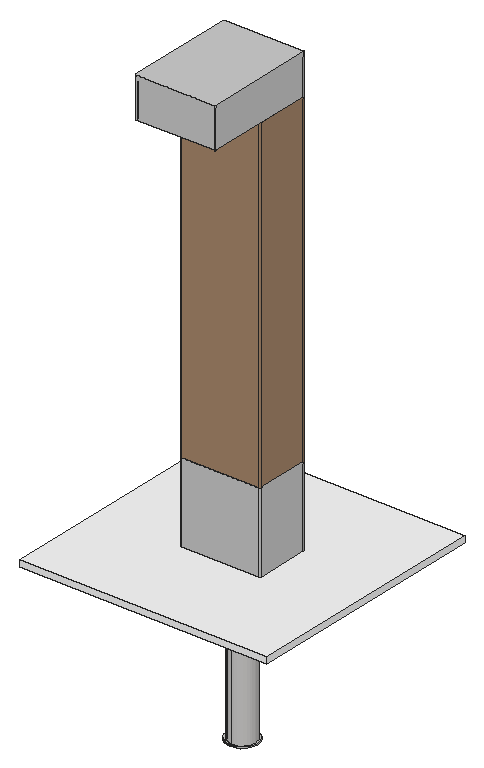
Revit family "BE_84479_de_DE", category Leuchten, Revit 2020
Family settings
  Basisbauteil = Fläche
  Bemaßung runder Anschluss = Durchmesser verwenden
  Teiletyp = Normal
  Beim Laden mit Abzugskörper schneiden = Ja
  Lichtquelle = Ja
  Gemeinsam genutzt = Nein
  Raumberechnungspunkt = Ja
Parameters (values of type "BEGA_84479_Silber_K3")
  built-in parameter 1150104 = 9.8106 (stored number, unit not read)
  Wattage = 5.3 W
  Default Elevation = 0 mm
  built-in parameter 1150113 = 1 (stored number, unit not read)
  built-in parameter 1114218 = 1 (stored number, unit not read)
  Umgebungstemperatur = "25 °C"
  URL = "https://www.bega.com/de/produkt/84479"
  Typenkommentare = "© 2022 BEGA. Wir behalten uns das Recht vor, technische Änderungen ohne vorherige Ankündigung vorzunehmen."  # constant formula
  Type Image = 84479.png
  built-in parameter 1150134 = (empty or 0)
  built-in parameter 1150109 = 1 (stored number, unit not read)
  Strom = ""
  built-in parameter 1150110 = 1 (stored number, unit not read)
  Spannung = 239.996 V
  Sonderanfertigung = no
  Seriennummer [instance] = "Hier können Sie die eindeutige Seriennummer für das Facility Management eintragen."
  Schutzklasse = "I"
  Schutzart = "IP 65"
  Scheinlast = 0 VA
  Produktdatenblatt = "https://cdn.bega.com/bega/products/84479K3/current/documents/data-sheets/de"
  Oberflächentemperatur = ""
  Neigungswinkel = 0.00°
  Modell = "84479AK3"
  Material_38 = BEGA_Holz
  Material_17 = BEGA_Reflektor
  Material_15 = BEGA_Leuchtmedium_matt
  Material_09 = BEGA_Glas_klar
  Material_06 = BEGA_Oberfläche_Edelstahl_gebürstet
  Material_02 = BEGA_Oberfläche_Silber_matt
  Material_01 [instance] = BEGA_Oberfläche_Grafit_matt
  M_W = no
  M_G = no
  M_A = yes
  Logo = 0
  built-in parameter 1114217 = 1 (stored number, unit not read)
  built-in parameter 1150139 = (empty or 0)
  built-in parameter 1150105 = 44.538 (stored number, unit not read)
  built-in parameter 1150114 = 1 (stored number, unit not read)
  Lumens = 559.68 lm
  built-in parameter 1150115 = 1 (stored number, unit not read)
  Leuchtenlichtstrom = "371 lm"
  Leuchtenanzahl = ""
  Lebensdauerkriterien = "L70B50 @ 25 °C = 200000 h"
  Lastklassifizierung = Beleuchtung
  built-in parameter 1150112 = 1 (stored number, unit not read)
  Lampenlichtstrom = "560 lm"
  Lampe = "LED 4.2 W"
  LED_Modulbezeichnung = "2x LED-0234/830"
  built-in parameter 1150142 = (empty or 0)
  Hersteller = "BEGA"  # constant formula
  Halbstreuwinkel = ""
  Gewicht = "5.8 kg"
  Gebrauchslageneinschränkung [instance] = ""
  Frequenz = "0/50-60 Hz"
  Farbwiedergabeindex = "CRI > 80"
  Farbtemperaturverschiebung bei Dämpfen der Lampe = <Keine Auswahl>
  Farbtemperatur = "3000 K"
  Color Filter = 16777215
  built-in parameter 1150133 = 10 (stored number, unit not read)
  Energieeffizienzklasse = "LED A++ - A"
  built-in parameter 1150137 = (empty or 0)
  built-in parameter 1150132 = (empty or 0)
  ENEC = "ja"
  Dimmbar [instance] = "on/off"
  Datei für fotometrisches Netz = "BE_84479K3.IES"
  CE_Konformität = "ja"
  Bestellnummer = "84479AK3"
  Beschreibung_Sonderanfertigung = "Hier können Sie Informationen zur Sonderanfertigung eintragen."
  Beschreibung = "Garten- und Wegeleuchte"
  built-in parameter 1150106 = 0.44538 (stored number, unit not read)
  Befestigungsbohrung = ""
  Befestigungsabstand = ""
  Ballwurfsicher = ""
  BEGA_Intern_aus = yes
  BEGA_Intern_an = yes
  BEGA_Intern_Konstruktion = yes
  BEGA_Intern = yes
  BEGA_IES = yes
  BEGA_Dummy = no
  Anschlussleitung = ""
  Anschlussleistung [instance] = "5.3 W"
  Anschlusskasten = ""
  built-in parameter 1150107 = 3000 (stored number, unit not read)
  built-in parameter 1150102 = (empty or 0)
  built-in parameter 1150138 = (empty or 0)
  Aktualisierung = "2022-05-19T04:00:07"
  Abstand_zur_angestrahlten_Fläche [instance] = ""
  AC/DC = "AC/DC"
Types (2, lengths in mm): name | Modell | M_G | M_A | Bestellnummer
  BEGA_84479_Grafit_K3 | "84479K3" | yes | no | "84479K3"
  BEGA_84479_Silber_K3 | "84479AK3" | no | yes | "84479AK3"
Reference planes
  plane 1 "Mitte (Vorne/Hinten)": y = 0
  plane 2: z = 0
  plane 3 "Mitte (Links/Rechts)": x = 0
  plane 4 "Links": x = -65
  plane 5 "Rechts": x = 65
  plane 6 "Unten": y = -135
  plane 7 "Oben": y = 45
  plane 8 "Vorne": z = 724
Forms (mm)
  Extrusion 1, solid, material "BEGA_Platte_Weiss"
    sketch origin (0, -1119.2, 0) x (1, 0, 0) y (0, 1, 0)
      loop
        line (-200, 1319.2) -> (-200, 919.2) -> (200, 919.2) -> (200, 1319.2) -> (-200, 1319.2)
    from 0 to -10
  Extrusion 2, solid, material "BEGA_Dummy_matt", visible <- "BEGA_Dummy"
    sketch origin (80.095, -76.023, 0) x (1, 0, 0) y (0, 1, 0)
      loop
        line (-145.095, 121.023) -> (-145.095, -58.977) -> (-15.095, -58.977) -> (-15.095, 121.023) -> (-145.095, 121.023)
    from 0 to 724
Dimensions and locks
  plane 1 "Mitte (Vorne/Hinten)" to Extrusion 1 = 200 mm
  aligned and locked: Extrusion 1 to plane 2
  aligned and locked: Extrusion 1 to level
Nested families
  nested 1: "BE_84479" at (0, 0, 0), type "BE_84479"
Connectors
  electrical at (0, 0, 0), driven by "Lastklassifizierung", driven by "Spannung", driven by "Scheinlast"
    settings: index 1, voltage 239.996 V, apparent load 0 VA, apparent load phase1 0 VA, apparent load phase2 0 VA, apparent load phase3 0 VA, power factor 1, load classification "Beleuchtung", number of poles 1, system type 31, power factor state 1, is connector primary yes, connector utility no, sub classification motor no, connector description ""
Definition of nested family "BE_84479"
  Parameters (values of type "BE_84479")
    Default Elevation = 1 mm
    URL = "http://www.bega.de/de/produkt"
    Type Comments = "© 2015 BEGA. Wir behalten uns das Recht vor, technische Änderungen ohne vorherige Ankündigung vorzunehmen. "  # constant formula
    Type Image = (empty or 0)
    Material_38 = none
    Material_17 = none
    Material_15 = none
    Material_09 = none
    Material_06 = none
    Material_02 = none
    Material_01 = none
    M_W = yes
    M_G = yes
    M_A = yes
    Länge_Platte = 200 mm  # constant formula
    Höhe_Platte = -10 mm  # constant formula
    Manufacturer = "BEGA"  # constant formula
    Breite_Platte = 200 mm  # constant formula
  Reference planes
    plane 1 "Mitte (Oben/Unten)": y = 0
    plane 2: z = 0
    plane 3 "Mitte (Links/Rechts)": x = 0
    plane 4 "Oben": y = 45
    plane 5: z = 724
    plane 6: z = 0
    plane 7: x = 65
    plane 8: x = -65
    plane 9: y = -135
  Forms (mm)
    Extrusion 1, solid, detail levels medium
      sketch origin (0, 0, 0) x (1, 0, 0) y (0, 1, 0)
        loop
          line (-100, 100) -> (-100, -100) -> (100, -100) -> (100, 100) -> (-100, 100)
      from 0 to -10 <- "Höhe_Platte"
    Extrusion 2, solid, material <- "Material_38"
      sketch origin (0, 0, 0) x (1, 0, 0) y (0, 1, 0)
        loop
          arc (-62, 45) -> (-64.121, 44.121) -> (-65, 42) r 3
          line (-65, 42) -> (-65, -42)
          arc (-65, -42) -> (-64.121, -44.121) -> (-62, -45) r 3
          line (-62, -45) -> (62, -45)
          arc (62, -45) -> (64.121, -44.121) -> (65, -42) r 3
          line (65, -42) -> (65, 42)
          arc (65, 42) -> (64.121, 44.121) -> (62, 45) r 3
          line (62, 45) -> (-62, 45)
        loop
          line (-40, 20) -> (-40, -20) -> (40, -20) -> (40, 20) -> (-40, 20)
      from 129.504 to 658.964
    Revolve 3, solid, material <- "Material_06"
      sketch origin (0, 0, 0) x (0, 1, 0) y (0, 0, 1)
        loop
          line (-21.1, -275.007) -> (-24.5, -275.007) -> (-24.5, -277.007) -> (-19.1, -276.993) -> (-19.1, 113.026) -> (-21.1, 113.026) -> (-21.1, -275.007)
        axis (0, -277.007) -> (0, 113.026)
      angle from 0 to 360
    Extrusion 4, solid, material <- "Material_01", visible <- "M_G"
      sketch origin (0, 0, 0) x (1, 0, 0) y (0, 1, 0)
        loop
          line (62, 45) -> (-62, 45)
          arc (-62, 45) -> (-64.121, 44.121) -> (-65, 42) r 3
          line (-65, 42) -> (-65, -42)
          arc (-65, -42) -> (-64.121, -44.121) -> (-62, -45) r 3
          line (-62, -45) -> (62, -45)
          arc (62, -45) -> (64.121, -44.121) -> (65, -42) r 3
          line (65, -42) -> (65, 42)
          arc (65, 42) -> (64.121, 44.121) -> (62, 45) r 3
        loop
          line (-40, 20) -> (-40, -20) -> (40, -20) -> (40, 20) -> (-40, 20)
      from 0 to 129.504
    Extrusion 5, solid, material <- "Material_01", visible <- "M_G"
      sketch origin (0, 0, 0) x (1, 0, 0) y (0, 1, 0)
        loop
          line (62, 45) -> (-62, 45)
          arc (-62, 45) -> (-64.121, 44.121) -> (-65, 42) r 3
          line (-65, 42) -> (-65, -134)
          arc (-65, -134) -> (-64.707, -134.707) -> (-64, -135) r 1
          line (-64, -135) -> (64, -135)
          arc (64, -135) -> (64.707, -134.707) -> (65, -134) r 1
          line (65, -134) -> (65, 42)
          arc (65, 42) -> (64.121, 44.121) -> (62, 45) r 3
        loop
          arc (63.492, -59.494) -> (62.615, -57.384) -> (60.503, -56.51) r 2.989
          line (60.503, -56.51) -> (-60.491, -56.51)
          arc (-60.491, -56.51) -> (-62.614, -57.386) -> (-63.49, -59.509) r 2.99
          line (-63.49, -59.509) -> (-63.49, -130.491)
          arc (-63.49, -130.491) -> (-62.618, -132.611) -> (-60.5, -133.491) r 2.99
          line (-60.5, -133.491) -> (60.667, -133.491)
          arc (60.667, -133.491) -> (62.674, -132.56) -> (63.492, -130.504) r 2.991
          line (63.492, -130.504) -> (63.492, -59.494)
      from 658.964 to 720.282
    Extrusion 6, solid, material <- "Material_01", visible <- "M_G"
      sketch origin (0, 0, 0) x (1, 0, 0) y (0, 1, 0)
        loop
          line (62, 45) -> (-62, 45)
          arc (-62, 45) -> (-64.121, 44.121) -> (-65, 42) r 3
          line (-65, 42) -> (-65, -134)
          arc (-65, -134) -> (-64.707, -134.707) -> (-64, -135) r 1
          line (-64, -135) -> (64, -135)
          arc (64, -135) -> (64.707, -134.707) -> (65, -134) r 1
          line (65, -134) -> (65, 42)
          arc (65, 42) -> (64.121, 44.121) -> (62, 45) r 3
      from 720.282 to 724
    Extrusion 7, solid, material <- "Material_09"
      sketch origin (0, 0, 0) x (1, 0, 0) y (0, 1, 0)
        loop
          line (60.492, -57.951) -> (-60.5, -57.951)
          arc (-60.5, -57.951) -> (-61.587, -58.413) -> (-62.038, -59.5) r 1.538
          line (-62.038, -59.5) -> (-62.038, -130.5)
          arc (-62.038, -130.5) -> (-61.587, -131.587) -> (-60.5, -132.037) r 1.538
          line (-60.5, -132.037) -> (60.5, -132.038)
          arc (60.5, -132.038) -> (61.587, -131.587) -> (62.038, -130.5) r 1.538
          line (62.038, -130.5) -> (62.038, -59.308)
          arc (62.038, -59.308) -> (61.522, -58.336) -> (60.492, -57.951) r 1.549
      from 658.964 to 663.039
    Extrusion 8, solid, material <- "Material_01"
      sketch origin (0, 0, 0) x (1, 0, 0) y (0, 1, 0)
        loop
          line (61, -59.549) -> (-61, -59.549) -> (-61, -131.549) -> (61, -131.549) -> (61, -59.549)
        loop
          line (-26.85, -73.177) -> (-38.5, -105.185) -> (-38.5, -126.549) -> (38.5, -126.549) -> (38.5, -105.185) -> (26.85, -73.177) -> (0, -82.949) -> (-26.85, -73.177)
      from 663.039 to 663.453
    Extrusion 9, solid, material <- "Material_17"
      sketch origin (0, 0, 0) x (0, 1, 0) y (0, 0, 1)
        loop
          line (-126.762, 665.874) -> (-109.931, 672) -> (-70.265, 672) -> (-69.399, 672.5) -> (-110.019, 672.5) -> (-126.262, 666.588) -> (-126.762, 665.874)
      from -38 to 38
    Extrusion 10, solid, material <- "Material_15"
      sketch origin (0, 0, 0) x (0, 1, 0) y (0, 0, 1)
        loop
          line (-126.549, 663.534) -> (-74.536, 663.534) -> (-74.536, 673.534) -> (-126.549, 673.534) -> (-126.549, 663.534)
      from 38 to 39.895
    Extrusion 11, solid, material <- "Material_15"
      sketch origin (0, 0, 0) x (0, 1, 0) y (0, 0, -1)
        loop
          line (-126.549, -663.534) -> (-126.549, -673.534) -> (-74.536, -673.534) -> (-74.536, -663.534) -> (-126.549, -663.534)
      from 38 to 39.895
    Extrusion 12, solid, material <- "Material_02", visible <- "M_A"
      sketch origin (0, 0, 0) x (1, 0, 0) y (0, 1, 0)
        loop
          line (62, 45) -> (-62, 45)
          arc (-62, 45) -> (-64.121, 44.121) -> (-65, 42) r 3
          line (-65, 42) -> (-65, -42)
          arc (-65, -42) -> (-64.121, -44.121) -> (-62, -45) r 3
          line (-62, -45) -> (62, -45)
          arc (62, -45) -> (64.121, -44.121) -> (65, -42) r 3
          line (65, -42) -> (65, 42)
          arc (65, 42) -> (64.121, 44.121) -> (62, 45) r 3
        loop
          line (-40, 20) -> (-40, -20) -> (40, -20) -> (40, 20) -> (-40, 20)
      from 0 to 129.504
    Extrusion 13, solid, material <- "Material_02", visible <- "M_A"
      sketch origin (0, 0, 0) x (1, 0, 0) y (0, 1, 0)
        loop
          line (62, 45) -> (-62, 45)
          arc (-62, 45) -> (-64.121, 44.121) -> (-65, 42) r 3
          line (-65, 42) -> (-65, -134)
          arc (-65, -134) -> (-64.707, -134.707) -> (-64, -135) r 1
          line (-64, -135) -> (64, -135)
          arc (64, -135) -> (64.707, -134.707) -> (65, -134) r 1
          line (65, -134) -> (65, 42)
          arc (65, 42) -> (64.121, 44.121) -> (62, 45) r 3
        loop
          arc (63.492, -59.494) -> (62.615, -57.384) -> (60.503, -56.51) r 2.989
          line (60.503, -56.51) -> (-60.491, -56.51)
          arc (-60.491, -56.51) -> (-62.614, -57.386) -> (-63.49, -59.509) r 2.99
          line (-63.49, -59.509) -> (-63.49, -130.491)
          arc (-63.49, -130.491) -> (-62.618, -132.611) -> (-60.5, -133.491) r 2.99
          line (-60.5, -133.491) -> (60.667, -133.491)
          arc (60.667, -133.491) -> (62.674, -132.56) -> (63.492, -130.504) r 2.991
          line (63.492, -130.504) -> (63.492, -59.494)
      from 658.964 to 720.282
    Extrusion 14, solid, material <- "Material_02", visible <- "M_A"
      sketch origin (0, 0, 0) x (1, 0, 0) y (0, 1, 0)
        loop
          line (62, 45) -> (-62, 45)
          arc (-62, 45) -> (-64.121, 44.121) -> (-65, 42) r 3
          line (-65, 42) -> (-65, -134)
          arc (-65, -134) -> (-64.707, -134.707) -> (-64, -135) r 1
          line (-64, -135) -> (64, -135)
          arc (64, -135) -> (64.707, -134.707) -> (65, -134) r 1
          line (65, -134) -> (65, 42)
          arc (65, 42) -> (64.121, 44.121) -> (62, 45) r 3
      from 720.282 to 724
  Cuts and joins
    joined: Extrusion 5, Extrusion 6
    joined: Extrusion 13, Extrusion 14
  Dimensions and locks
    equal spacing: Extrusion 1 sketch curve, plane 3 "Mitte (Links/Rechts)", Extrusion 1 sketch curve
    equal spacing: Extrusion 1 sketch curve, plane 1 "Mitte (Oben/Unten)", Extrusion 1 sketch curve
    "Länge_Platte": Extrusion 1 sketch curve to Extrusion 1 sketch curve
    "Breite_Platte": Extrusion 1 sketch curve to Extrusion 1 sketch curve
    aligned and locked: plane 2 to Extrusion 1
    aligned and locked: level to Extrusion 1
  Automatic sketch dimensions
    Extrusion 2 sketch curve to plane 1 "Mitte (Oben/Unten)" = 42 mm
    Extrusion 2 sketch curve to plane 3 "Mitte (Links/Rechts)" = 65 mm
    Extrusion 2 sketch curve to Extrusion 2 sketch curve = 3 mm  (x3)
    Extrusion 2 sketch curve to Extrusion 2 sketch curve = 22 mm  (x4)
    Extrusion 2 sketch curve to plane 1 "Mitte (Oben/Unten)" = 20 mm
    plane 3 "Mitte (Links/Rechts)" to Extrusion 2 sketch curve = 40 mm
    plane 1 "Mitte (Oben/Unten)" to Extrusion 2 sketch curve = 20 mm
    Revolve 3 sketch curve to plane 1 "Mitte (Oben/Unten)" = 0 mm
    Revolve 3 sketch curve to level = 276.993 mm
    plane 1 "Mitte (Oben/Unten)" to Revolve 3 sketch curve = 19.1 mm
    Revolve 3 sketch curve to Revolve 3 sketch curve = 2 mm  (x2)
    Revolve 3 sketch curve to level = 277.007 mm
    Revolve 3 sketch curve to Revolve 3 sketch curve = 3.4 mm
    plane 1 "Mitte (Oben/Unten)" to Extrusion 4 sketch curve = 42 mm
    Extrusion 4 sketch curve to plane 3 "Mitte (Links/Rechts)" = 65 mm
    Extrusion 4 sketch curve to Extrusion 4 sketch curve = 3 mm  (x3)
    Extrusion 4 sketch curve to Extrusion 4 sketch curve = 22 mm  (x4)
    Extrusion 4 sketch curve to plane 1 "Mitte (Oben/Unten)" = 20 mm
    plane 3 "Mitte (Links/Rechts)" to Extrusion 4 sketch curve = 40 mm
    plane 1 "Mitte (Oben/Unten)" to Extrusion 4 sketch curve = 20 mm
    Extrusion 5 sketch curve to plane 1 "Mitte (Oben/Unten)" = 42 mm
    Extrusion 5 sketch curve to plane 3 "Mitte (Links/Rechts)" = 65 mm
    Extrusion 5 sketch curve to Extrusion 5 sketch curve = 1 mm
    Extrusion 5 sketch curve to plane 3 "Mitte (Links/Rechts)" = 63.49 mm
    Extrusion 5 sketch curve to Extrusion 5 sketch curve = 3 mm  (x2)
    Extrusion 5 sketch curve to Extrusion 5 sketch curve = 2.99 mm  (x3)
    Extrusion 5 sketch curve to Extrusion 5 sketch curve = 0.01 mm
    plane 3 "Mitte (Links/Rechts)" to Extrusion 5 sketch curve = 60.501 mm
    plane 3 "Mitte (Links/Rechts)" to Extrusion 5 sketch curve = 60.503 mm
    Extrusion 5 sketch curve to Extrusion 5 sketch curve = 0.166 mm
    plane 3 "Mitte (Links/Rechts)" to Extrusion 5 sketch curve = 62 mm
    Extrusion 5 sketch curve to Extrusion 5 sketch curve = 2.991 mm
    Extrusion 5 sketch curve to Extrusion 5 sketch curve = 3.333 mm
    plane 1 "Mitte (Oben/Unten)" to Extrusion 5 sketch curve = 56.51 mm
    Extrusion 5 sketch curve to Extrusion 5 sketch curve = 2.984 mm
    Extrusion 5 sketch curve to Extrusion 5 sketch curve = 0.009 mm
    Extrusion 5 sketch curve to Extrusion 5 sketch curve = 0.509 mm  (x2)
    Extrusion 5 sketch curve to Extrusion 5 sketch curve = 0 mm  (x9)
    Extrusion 6 sketch curve to plane 3 "Mitte (Links/Rechts)" = 65 mm
    Extrusion 6 sketch curve to Extrusion 6 sketch curve = 1 mm  (x2)
    Extrusion 6 sketch curve to Extrusion 6 sketch curve = 3 mm  (x2)
    plane 3 "Mitte (Links/Rechts)" to Extrusion 6 sketch curve = 62 mm
    plane 3 "Mitte (Links/Rechts)" to Extrusion 6 sketch curve = 64 mm
    Extrusion 6 sketch curve to plane 1 "Mitte (Oben/Unten)" = 42 mm
    Extrusion 6 sketch curve to Extrusion 6 sketch curve = 0 mm  (x7)
    Extrusion 7 sketch curve to plane 3 "Mitte (Links/Rechts)" = 60.5 mm  (x2)
    plane 3 "Mitte (Links/Rechts)" to Extrusion 7 sketch curve = 60.492 mm
    plane 3 "Mitte (Links/Rechts)" to Extrusion 7 sketch curve = 60.5 mm
    Extrusion 7 sketch curve to Extrusion 7 sketch curve = 0.008 mm
    Extrusion 7 sketch curve to Extrusion 7 sketch curve = 1.538 mm  (x3)
    plane 1 "Mitte (Oben/Unten)" to Extrusion 7 sketch curve = 59.5 mm  (x2)
    Extrusion 7 sketch curve to Extrusion 7 sketch curve = 0.192 mm
    Extrusion 7 sketch curve to Extrusion 7 sketch curve = 0 mm  (x12)
    Extrusion 8 sketch curve to plane 3 "Mitte (Links/Rechts)" = 0 mm
    Extrusion 8 sketch curve to plane 3 "Mitte (Links/Rechts)" = 26.85 mm
    Extrusion 8 sketch curve to Extrusion 8 sketch curve = 11.65 mm  (x2)
    Extrusion 8 sketch curve to Extrusion 8 sketch curve = 22.5 mm
    plane 3 "Mitte (Links/Rechts)" to Extrusion 8 sketch curve = 26.85 mm
    Extrusion 8 sketch curve to Extrusion 8 sketch curve = 34.15 mm
    Extrusion 8 sketch curve to Extrusion 8 sketch curve = 5 mm
    Extrusion 8 sketch curve to Extrusion 8 sketch curve = 21.364 mm  (x2)
    Extrusion 8 sketch curve to Extrusion 8 sketch curve = 22.236 mm
    Extrusion 8 sketch curve to Extrusion 8 sketch curve = 9.773 mm  (x2)
    Extrusion 8 sketch curve to Extrusion 8 sketch curve = 13.627 mm
    Extrusion 10 sketch curve to Extrusion 10 sketch curve = 52.013 mm
    Extrusion 10 sketch curve to Extrusion 10 sketch curve = 10 mm
    Extrusion 11 sketch curve to Extrusion 11 sketch curve = 52.013 mm
    Extrusion 11 sketch curve to Extrusion 11 sketch curve = 10 mm
    Extrusion 9 sketch curve to Extrusion 9 sketch curve = 0.5 mm  (x2)
    Extrusion 9 sketch curve to Extrusion 9 sketch curve = 16.243 mm
    Extrusion 9 sketch curve to Extrusion 9 sketch curve = 0.088 mm
    Extrusion 9 sketch curve to Extrusion 9 sketch curve = 39.666 mm
    Extrusion 9 sketch curve to Extrusion 9 sketch curve = 0.866 mm
    Extrusion 9 sketch curve to Extrusion 9 sketch curve = 0.714 mm
    Extrusion 9 sketch curve to Extrusion 9 sketch curve = 5.412 mm
    plane 1 "Mitte (Oben/Unten)" to Extrusion 12 sketch curve = 42 mm
    Extrusion 12 sketch curve to plane 3 "Mitte (Links/Rechts)" = 65 mm
    Extrusion 12 sketch curve to Extrusion 12 sketch curve = 3 mm  (x3)
    Extrusion 12 sketch curve to Extrusion 12 sketch curve = 22 mm  (x4)
    Extrusion 12 sketch curve to plane 1 "Mitte (Oben/Unten)" = 20 mm
    plane 3 "Mitte (Links/Rechts)" to Extrusion 12 sketch curve = 40 mm
    plane 1 "Mitte (Oben/Unten)" to Extrusion 12 sketch curve = 20 mm
    Extrusion 13 sketch curve to plane 1 "Mitte (Oben/Unten)" = 42 mm
    Extrusion 13 sketch curve to plane 3 "Mitte (Links/Rechts)" = 65 mm
    Extrusion 13 sketch curve to Extrusion 13 sketch curve = 1 mm
    Extrusion 13 sketch curve to plane 3 "Mitte (Links/Rechts)" = 63.49 mm
    Extrusion 13 sketch curve to Extrusion 13 sketch curve = 3 mm  (x2)
    Extrusion 13 sketch curve to Extrusion 13 sketch curve = 2.99 mm  (x3)
    Extrusion 13 sketch curve to Extrusion 13 sketch curve = 0.01 mm
    plane 3 "Mitte (Links/Rechts)" to Extrusion 13 sketch curve = 60.501 mm
    plane 3 "Mitte (Links/Rechts)" to Extrusion 13 sketch curve = 60.503 mm
    Extrusion 13 sketch curve to Extrusion 13 sketch curve = 0.166 mm
    plane 3 "Mitte (Links/Rechts)" to Extrusion 13 sketch curve = 62 mm
    Extrusion 13 sketch curve to Extrusion 13 sketch curve = 2.991 mm
    Extrusion 13 sketch curve to Extrusion 13 sketch curve = 3.333 mm
    plane 1 "Mitte (Oben/Unten)" to Extrusion 13 sketch curve = 56.51 mm
    Extrusion 13 sketch curve to Extrusion 13 sketch curve = 2.984 mm
    Extrusion 13 sketch curve to Extrusion 13 sketch curve = 0.009 mm
    Extrusion 13 sketch curve to Extrusion 13 sketch curve = 0.509 mm  (x2)
    Extrusion 13 sketch curve to Extrusion 13 sketch curve = 0 mm  (x9)
    Extrusion 14 sketch curve to plane 3 "Mitte (Links/Rechts)" = 65 mm
    Extrusion 14 sketch curve to Extrusion 14 sketch curve = 1 mm  (x2)
    Extrusion 14 sketch curve to Extrusion 14 sketch curve = 3 mm  (x2)
    plane 3 "Mitte (Links/Rechts)" to Extrusion 14 sketch curve = 62 mm
    plane 3 "Mitte (Links/Rechts)" to Extrusion 14 sketch curve = 64 mm
    Extrusion 14 sketch curve to plane 1 "Mitte (Oben/Unten)" = 42 mm
    Extrusion 14 sketch curve to Extrusion 14 sketch curve = 0 mm  (x7)
    level to Revolve 3 sketch curve = 113.026 mm
    Revolve 3 sketch curve to Revolve 3 sketch curve = 252.038 mm
    level to Extrusion 9 sketch curve = 665.874 mm
    level to Extrusion 10 sketch curve = 663.534 mm
    level to Extrusion 11 sketch curve = 673.534 mm
    Revolve 3 sketch curve to Revolve 3 sketch curve = 31.761 mm
    Extrusion 5 sketch curve to Extrusion 5 sketch curve = 70.982 mm
    Extrusion 5 sketch curve to Extrusion 5 sketch curve = 71.005 mm
    plane 1 "Mitte (Oben/Unten)" to Extrusion 6 sketch curve = 134 mm
    Extrusion 7 sketch curve to Extrusion 7 sketch curve = 71 mm  (x2)
    plane 1 "Mitte (Oben/Unten)" to Extrusion 8 sketch curve = 131.549 mm
    plane 1 "Mitte (Oben/Unten)" to Extrusion 9 sketch curve = 126.762 mm
    plane 1 "Mitte (Oben/Unten)" to Extrusion 10 sketch curve = 126.549 mm
    plane 1 "Mitte (Oben/Unten)" to Extrusion 11 sketch curve = 126.549 mm
    Extrusion 13 sketch curve to Extrusion 13 sketch curve = 70.982 mm
    Extrusion 13 sketch curve to Extrusion 13 sketch curve = 71.005 mm
    plane 1 "Mitte (Oben/Unten)" to Extrusion 14 sketch curve = 134 mm
